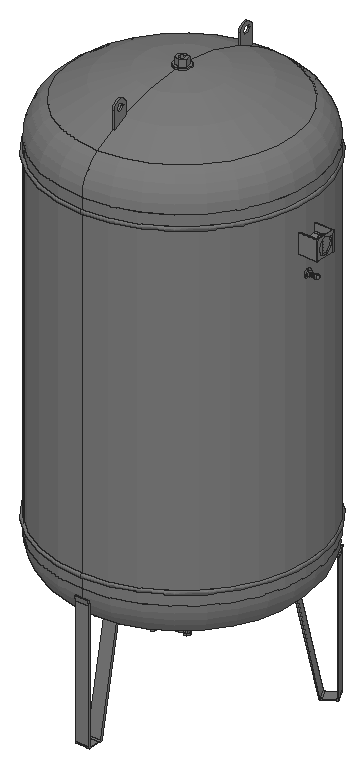
Revit family "MIT-1250-ET (Vertical)", category Specialty Equipment, Revit 2022
Family settings
  Round Connector Dimension = Use Diameter
  Part Type = Normal
  Work Plane-Based = No
  Always vertical = Yes
  Cut with Voids When Loaded = No
  Maintain Annotation Orientation = No
  Shared = No
  Room Calculation Point = No
Parameters
  URL = "https://en.ekinendustriyel.com/expansion-tanks"
  Test Pressure = 15.0 bar
  Production Standard = "TS EN 13831"
  Precharge Pressure = 4.0 bar
  Operating Pressure = 10.0 bar
  Model = "MIT-1250-ET_(Vertical)"
  Manufacturer = "Ekin Endüstriyel"
  Keynote = "Expension Tank"
  Description = "MIT-Expension Tank"
  Default Elevation = 0 mm
Reference planes
  plane 1 "Center (Front/Back)": y = 0
  plane 2: z = 0
  plane 3 "Center (Left/Right)": x = 0
Forms (mm)
  Revolve 1, solid, material "Ekin Endustriyel-S235JR", detail levels medium+fine
    sketch origin (0.106, -9714.096, 98.319) x (0, 1, 0) y (0, 0, 1)
      loop
        line (9714.015, 2033.994) -> (9714.015, 2029.994) -> (9731.434, 2029.994)
        arc (9731.434, 2029.994) -> (9931.618, 1997.267) -> (10115.688, 1912.043) r 749.258
        arc (10115.688, 1912.043) -> (10168.879, 1859.204) -> (10189.1, 1787.008) r 147.026
        line (10189.1, 1787.008) -> (10189.1, 442.567)
        arc (10189.1, 442.567) -> (10172.631, 376.437) -> (10127.07, 325.756) r 141
        arc (10127.07, 325.756) -> (10001.42, 257.49) -> (9864.984, 214.672) r 739.851
        arc (9864.984, 214.672) -> (9862.922, 213.932) -> (9861.14, 212.659) r 7.984
        arc (9861.14, 212.659) -> (9837.969, 196.681) -> (9811.045, 188.475) r 91.784
        line (9811.045, 188.475) -> (9714.015, 188.475) -> (9714.015, 184.475) -> (9811.327, 184.475)
        arc (9811.327, 184.475) -> (9839.579, 193.016) -> (9863.889, 209.753) r 95.784
        arc (9863.889, 209.753) -> (9864.778, 210.388) -> (9865.807, 210.758) r 3.984
        arc (9865.807, 210.758) -> (10002.981, 253.808) -> (10129.311, 322.442) r 743.851
        arc (10129.311, 322.442) -> (10176.164, 374.561) -> (10193.1, 442.567) r 145
        line (10193.1, 442.567) -> (10193.1, 482.617)
        arc (10193.1, 482.617) -> (10200.1, 489.617) -> (10193.1, 496.617) r 7
        line (10193.1, 496.617) -> (10193.1, 1732.638)
        arc (10193.1, 1732.638) -> (10200.1, 1739.638) -> (10193.1, 1746.638) r 7
        line (10193.1, 1746.638) -> (10193.1, 1787.038)
        arc (10193.1, 1787.038) -> (10172.36, 1861.177) -> (10117.769, 1915.46) r 151.026
        arc (10117.769, 1915.46) -> (9932.724, 2001.112) -> (9731.486, 2033.994) r 753.258
        line (9731.486, 2033.994) -> (9714.015, 2033.994)
      axis (9714.015, 184.475) -> (9714.015, 2033.994)
    angle from 0 to 360
  Extrusion 2, solid, material "Ekin Endustriyel-S235JR", detail levels coarse
    sketch origin (5181.66, -9689.096, 122.286) x (0, 1, 0) y (-1, 0, 0)
      loop
        circle (9689.015, 5181.554) r 487
    from 160.509 to 2010.028
  Extrusion 3, solid, material "Ekin Endustriyel-S235JR", detail levels fine
    sketch origin (-910.222, -6644.096, 80.111) x (0, 1, 0) y (0, 0, 1)
      loop
        line (6973.625, 1975.411) -> (6973.625, 2040.264)
        arc (6973.625, 2040.264) -> (6946.148, 2067.74) -> (6918.672, 2040.264) r 27.477
        line (6918.672, 2040.264) -> (6918.672, 1999.711)
        arc (6918.672, 1999.711) -> (6946.39, 1988.109) -> (6973.625, 1975.411) r 753.258
      loop
        circle (6946.299, 2040.217) r 15
      loop
        arc (6314.567, 1975.411) -> (6341.801, 1988.109) -> (6369.52, 1999.711) r 753.258
        line (6369.52, 1999.711) -> (6369.52, 2040.264)
        arc (6369.52, 2040.264) -> (6342.043, 2067.74) -> (6314.567, 2040.264) r 27.477
        line (6314.567, 2040.264) -> (6314.567, 1975.411)
      loop
        circle (6341.892, 2040.217) r 15
    from 906.829 to 913.828
  Extrusion 4, solid, material "Ekin Endustriyel-S235JR", detail levels medium+fine
    sketch origin (2.204, -50.995, 0) x (-0.866025, 0.5, 0) y (0, 0, 1)
      loop
        line (506.406, 492) -> (509.841, 509.669) -> (505.914, 510.433) -> (502.406, 492.385) -> (502.406, 7)
        arc (502.406, 7) -> (500.942, 3.464) -> (497.406, 2) r 5
        line (497.406, 2) -> (454.119, 2)
        arc (454.119, 2) -> (450.973, 3.114) -> (449.228, 5.96) r 5
        line (449.228, 5.96) -> (370.513, 376.289) -> (366.6, 375.457) -> (445.438, 4.553)
        arc (445.438, 4.553) -> (447.871, 0.584) -> (452.259, -0.97) r 6.973
        line (452.259, -0.97) -> (499.449, -0.97)
        arc (499.449, -0.97) -> (504.368, 1.068) -> (506.406, 5.987) r 6.957
        line (506.406, 5.987) -> (506.406, 492)
    from 18.05 to 68.05
  Extrusion 5, solid, material "Ekin Endustriyel-S235JR", detail levels medium+fine
    sketch origin (2.204, -50.995, 0) x (0, -1, 0) y (0, 0, 1)
      loop
        line (431.439, 509.669) -> (427.513, 510.433) -> (424.005, 492.385) -> (424.005, 7)
        arc (424.005, 7) -> (422.54, 3.464) -> (419.005, 2) r 5
        line (419.005, 2) -> (375.718, 2)
        arc (375.718, 2) -> (372.571, 3.114) -> (370.827, 5.96) r 5
        line (370.827, 5.96) -> (292.111, 376.289) -> (288.199, 375.457) -> (366.831, 5.523)
        arc (366.831, 5.523) -> (369.263, 1.554) -> (373.651, 0) r 6.973
        line (373.651, 0) -> (421.048, 0)
        arc (421.048, 0) -> (425.967, 2.038) -> (428.005, 6.957) r 6.957
        line (428.005, 6.957) -> (428.005, 492) -> (431.439, 509.669)
    from -22.903 to 27.097
  Extrusion 6, solid, material "Ekin Endustriyel-S235JR", detail levels medium+fine
    sketch origin (2.204, -50.995, 0) x (0.866025, 0.5, 0) y (0, 0, 1)
      loop
        line (506.024, 509.669) -> (502.097, 510.433) -> (498.589, 492.385) -> (498.589, 7)
        arc (498.589, 7) -> (497.125, 3.464) -> (493.589, 2) r 5
        line (493.589, 2) -> (450.302, 2)
        arc (450.302, 2) -> (447.156, 3.114) -> (445.412, 5.96) r 5
        line (445.412, 5.96) -> (366.696, 376.289) -> (362.783, 375.457) -> (441.415, 5.523)
        arc (441.415, 5.523) -> (443.848, 1.554) -> (448.236, 0) r 6.973
        line (448.236, 0) -> (495.633, 0)
        arc (495.633, 0) -> (500.552, 2.038) -> (502.589, 6.957) r 6.957
        line (502.589, 6.957) -> (502.589, 492) -> (506.024, 509.669)
    from -70.147 to -20.147
  Extrusion 7, solid, material "Ekin Endustriyel-S235JR", detail levels coarse
    sketch origin (2.204, -50.995, 0) x (-0.866025, 0.5, 0) y (0, 0, 1)
      loop
        line (506.406, 282.795) -> (386.296, 282.795) -> (445.232, 5.523)
        arc (445.232, 5.523) -> (447.664, 1.554) -> (452.053, 0) r 6.973
        line (452.053, 0) -> (499.449, 0)
        arc (499.449, 0) -> (504.368, 2.038) -> (506.406, 6.957) r 6.957
        line (506.406, 6.957) -> (506.406, 282.795)
    from 18.05 to 68.05
  Extrusion 8, solid, material "Ekin Endustriyel-S235JR", detail levels coarse
    sketch origin (2.204, -50.995, 0) x (0, -1, 0) y (0, 0, 1)
      loop
        line (428.005, 282.795) -> (307.895, 282.795) -> (366.831, 5.523)
        arc (366.831, 5.523) -> (369.263, 1.554) -> (373.651, 0) r 6.973
        line (373.651, 0) -> (421.048, 0)
        arc (421.048, 0) -> (425.967, 2.038) -> (428.005, 6.957) r 6.957
        line (428.005, 6.957) -> (428.005, 282.795)
    from -22.903 to 27.097
  Extrusion 9, solid, material "Ekin Endustriyel-S235JR", detail levels coarse
    sketch origin (2.204, -50.995, 0) x (0.866025, 0.5, 0) y (0, 0, 1)
      loop
        line (502.589, 282.795) -> (382.479, 282.795) -> (441.415, 5.523)
        arc (441.415, 5.523) -> (443.848, 1.554) -> (448.236, 0) r 6.973
        line (448.236, 0) -> (495.633, 0)
        arc (495.633, 0) -> (500.552, 2.038) -> (502.589, 6.957) r 6.957
        line (502.589, 6.957) -> (502.589, 282.795)
    from -70.147 to -20.265
  Extrusion 10, solid, material "Ekin Endustriyel-S235JR", detail levels coarse
    sketch origin (250.607, -0.433, 898) x (1, 0, 0) y (0, 1, 0)
      loop
        line (226.508, -39.142) -> (298.922, -39.142) -> (298.922, 39.858) -> (226.683, 39.858)
        arc (226.683, 39.858) -> (229.034, 19.99) -> (229.819, 0) r 254.819
        arc (229.819, 0) -> (228.99, -19.641) -> (226.508, -39.142) r 233
    from 767.5 to 842.5
  Extrusion 11, solid, material "Ekin Endustriyel-S235JR", detail levels medium+fine
    sketch origin (250.607, -0.433, 898) x (1, 0, 0) y (0, 1, 0)
      loop
        line (296.322, 39.858) -> (226.683, 39.858)
        arc (226.683, 39.858) -> (226.839, 38.858) -> (226.992, 37.858) r 254.819
        line (226.992, 37.858) -> (296.322, 37.858)
        arc (296.322, 37.858) -> (296.747, 37.682) -> (296.922, 37.258) r 0.6
        line (296.922, 37.258) -> (296.922, -36.542)
        arc (296.922, -36.542) -> (296.747, -36.967) -> (296.322, -37.142) r 0.6
        line (296.322, -37.142) -> (227.098, -37.142)
        arc (227.098, -37.142) -> (226.949, -38.143) -> (226.795, -39.142) r 254.819
        line (226.795, -39.142) -> (296.322, -39.142)
        arc (296.322, -39.142) -> (298.161, -38.381) -> (298.922, -36.542) r 2.6
        line (298.922, -36.542) -> (298.922, 37.258)
        arc (298.922, 37.258) -> (298.161, 39.096) -> (296.322, 39.858) r 2.6
    from 767.5 to 842.5
  Extrusion 12, void
    sketch origin (549.53, -36.975, 898) x (0, 1, 0) y (0, 0, 1)
      loop
        circle (36.9, 805) r 32.5
    from -2 to 0
  Revolve 13, solid, material "Ekin Endustriyel-S235JR", detail levels fine
    sketch origin (250.607, -0.433, 898) x (1, 0, 0) y (0, 0, 1)
      loop
        line (230, 811.5) -> (230, 805) -> (288.499, 805) -> (288.499, 837.415) -> (283.499, 837.415) -> (283.499, 835.016) -> (279.483, 835.016)
        arc (279.483, 835.016) -> (278.774, 834.723) -> (278.48, 834.013) r 1.003
        line (278.48, 834.013) -> (253.48, 834.013) -> (253.48, 815.002) -> (252.5, 815.002)
        arc (252.5, 815.002) -> (252.139, 814.657) -> (252, 814.178) r 0.964
        line (252, 814.178) -> (252, 812.305) -> (245, 812.305) -> (245, 811.5) -> (230, 811.5)
      axis (230, 805) -> (288.499, 805)
    angle from 0 to 360
  Revolve 14, solid, material "Ekin Endustriyel-S235JR", detail levels fine
    sketch origin (249.041, -0.433, 780.49) x (1, 0, 0) y (0, 0, 1)
      loop
        line (229.96, 805) -> (275.561, 805)
        arc (275.561, 805) -> (274.758, 808.458) -> (272.513, 811.208) r 7.847
        line (272.513, 811.208) -> (261.504, 811.208) -> (261.504, 812.005) -> (260.479, 812.005) -> (260.479, 810.108) -> (259.639, 809.269) -> (258.962, 809.946) -> (258.285, 809.269) -> (257.608, 809.946) -> (256.931, 809.269) -> (256.254, 809.946) -> (255.577, 809.269) -> (254.899, 809.946) -> (254.222, 809.269) -> (253.545, 809.946) -> (252.868, 809.269) -> (252.191, 809.946) -> (251.514, 809.269) -> (250.837, 809.946) -> (250.16, 809.269) -> (249.483, 809.946) -> (248.806, 809.269) -> (248.128, 809.946) -> (247.451, 809.269) -> (246.774, 809.946) -> (246.097, 809.269) -> (245.42, 809.946) -> (244.743, 809.269) -> (244.066, 809.946) -> (243.389, 809.269) -> (242.712, 809.946) -> (242.035, 809.269) -> (241.357, 809.946) -> (240.68, 809.269) -> (240.003, 809.946) -> (239.326, 809.269) -> (238.649, 809.946) -> (237.972, 809.269) -> (237.295, 809.946) -> (236.618, 809.269) -> (235.941, 809.946) -> (235.264, 809.269) -> (234.586, 809.946) -> (233.909, 809.269) -> (233.232, 809.946) -> (232.555, 809.269) -> (232.001, 809.823) -> (232.001, 814.435) -> (232.001, 819.99) -> (229.96, 819.99) -> (229.96, 805)
      axis (229.96, 805) -> (275.561, 805)
    angle from 0 to 360
  Extrusion 15, solid, material "Ekin Endustriyel-S235JR", detail levels fine
    sketch origin (249.041, -0.433, 862.286) x (0, 1, 0) y (0, 0, 1)
      loop
        line (0.348, 732.628) -> (-7.805, 727.921) -> (-7.805, 718.507) -> (0.348, 713.8) -> (8.5, 718.507) -> (8.5, 727.921) -> (0.348, 732.628)
    from 232.001 to 240.003
  Extrusion 16, solid, material "Ekin Endustriyel-S235JR", detail levels coarse
    sketch origin (-663.008, -426.494, 283.29) x (1, 0, 0) y (0, 1, 0)
      loop
        circle (663.114, 426.414) r 150
    from -23.5 to -13.542
  Revolve 17, solid, material "Ekin Endustriyel-S235JR", detail levels fine
    sketch origin (1884.375, 0, 224.812) x (1, 0, 0) y (0, 0, 1)
      loop
        line (-1917.384, -21.889) -> (-1909.828, -21.889) -> (-1907.892, -20.316) -> (-1909.118, -19.32) -> (-1907.892, -18.324) -> (-1909.118, -17.327) -> (-1907.892, -16.331) -> (-1909.118, -15.335) -> (-1907.892, -14.339) -> (-1909.118, -13.343) -> (-1907.892, -12.346) -> (-1909.118, -11.35) -> (-1907.892, -10.354) -> (-1909.118, -9.358) -> (-1907.892, -8.361) -> (-1909.118, -7.365) -> (-1907.892, -6.369) -> (-1909.118, -5.373) -> (-1907.892, -4.377) -> (-1909.118, -3.38) -> (-1907.892, -2.384) -> (-1909.118, -1.388) -> (-1907.892, -0.392) -> (-1909.118, 0.605) -> (-1907.892, 1.601) -> (-1909.118, 2.597) -> (-1907.892, 3.593) -> (-1909.118, 4.589) -> (-1907.892, 5.586) -> (-1909.118, 6.582) -> (-1907.892, 7.578) -> (-1909.118, 8.574) -> (-1907.892, 9.571) -> (-1909.118, 10.567) -> (-1907.892, 11.563) -> (-1909.118, 12.559) -> (-1907.892, 13.555) -> (-1909.118, 14.552) -> (-1907.892, 15.548) -> (-1909.118, 16.544) -> (-1907.892, 17.54) -> (-1909.118, 18.537) -> (-1907.384, 19.945) -> (-1907.384, 33.093)
        arc (-1907.384, 33.093) -> (-1907.936, 34.426) -> (-1909.269, 34.978) r 1.885
        line (-1909.269, 34.978) -> (-1917.384, 34.978) -> (-1917.384, -21.889)
      axis (-1884.269, 34.978) -> (-1884.269, -21.889)
    angle from 0 to 360
  Extrusion 18, solid, material "Ekin Endustriyel-S235JR", detail levels fine
    sketch origin (-672.096, -409.774, 289.44) x (1, 0, 0) y (0, 1, 0)
      loop
        circle (534.664, 409.557) r 6
      loop
        circle (809.741, 409.557) r 6
      loop
        circle (672.202, 547.095) r 6
      loop
        circle (672.202, 272.018) r 6
      loop
        circle (574.948, 506.811) r 6
      loop
        circle (769.457, 312.302) r 6
      loop
        circle (769.457, 506.811) r 6
      loop
        circle (574.948, 312.302) r 6
    from 0.262 to -29.241
  Extrusion 19, solid, material "Ekin Endustriyel-S235JR", detail levels medium
    sketch origin (1330, -1405.357, 255.812) x (0, 1, 0) y (1, 0, 0)
      loop
        circle (1405.357, -1330) r 33.189
      loop
        circle (1405.357, -1330) r 24.638
    from 52.889 to -3.978
  Extrusion 20, solid, material "Ekin Endustriyel-S235JR", detail levels coarse
    sketch origin (1330.313, -1405.357, 255.812) x (0, 1, 0) y (1, 0, 0)
      loop
        arc (1372.168, -1330) -> (1388.495, -1358.586) -> (1421.412, -1359.048) r 33.189
        arc (1421.412, -1359.048) -> (1422.22, -1301.414) -> (1372.168, -1330) r 33.189
    from -3.978 to 52.889
  Extrusion 21, solid, material "Ekin Endustriyel-S235JR", detail levels medium+fine
    sketch origin (-663.008, -1231.494, 324.335) x (0, 1, 0) y (1, 0, 0)
      loop
        circle (1231.414, 663.114) r 150
      loop
        circle (1231.396, 525.584) r 5.994
      loop
        circle (1112.301, 594.364) r 5.994
      loop
        circle (1350.527, 594.364) r 5.994
      loop
        circle (1231.396, 800.644) r 5.994
      loop
        circle (1350.527, 731.864) r 5.994
      loop
        circle (1112.301, 731.864) r 5.994
    from 46.54 to 41.54
  Extrusion 22, solid, material "Ekin Endustriyel-S235JR", detail levels medium+fine
    sketch origin (3869.944, -4745.819, 2135.133) x (0, 1, 0) y (-1, 0, 0)
      loop
        circle (4745.469, 3869.844) r 11
      loop
        line (4730.56, 3886.032) -> (4723.995, 3865.027) -> (4738.903, 3848.838) -> (4760.377, 3853.655) -> (4766.943, 3874.661) -> (4752.034, 3890.849) -> (4730.56, 3886.032)
    from 0.181 to 23
  Extrusion 23, solid, material "Ekin Endustriyel-S235JR", detail levels coarse
    sketch origin (3869.944, -4745.819, 2135.133) x (0, 1, 0) y (-1, 0, 0)
      loop
        line (4730.56, 3886.032) -> (4723.995, 3865.027) -> (4738.903, 3848.838) -> (4760.377, 3853.655) -> (4766.943, 3874.661) -> (4752.034, 3890.849) -> (4730.56, 3886.032)
    from -2.819 to 23
  Extrusion 24, solid, material "Ekin Endustriyel-S235JR", detail levels medium+fine
    sketch origin (3869.944, -4745.819, 2135.133) x (0, 1, 0) y (-1, 0, 0)
      loop
        circle (4745.827, 3869.844) r 32.5
    from -2.819 to 0.181
  Extrusion 25, solid, material "Ekin Endustriyel-S235JR", detail levels coarse
    sketch origin (-663.008, -426.494, 294.351) x (1, 0, 0) y (0, 1, 0)
      loop
        circle (663.114, 426.414) r 150
    from -16.556 to -11.556
  Extrusion 26, solid, material "Ekin Endustriyel-S235JR", detail levels medium+fine
    sketch origin (-663.008, -1231.494, 325.351) x (0, 1, 0) y (1, 0, 0)
      loop
        circle (1231.414, 663.114) r 150
      loop
        circle (1231.396, 525.584) r 5.994
      loop
        circle (1112.301, 594.364) r 5.994
      loop
        circle (1350.527, 594.364) r 5.994
      loop
        circle (1231.396, 800.644) r 5.994
      loop
        circle (1350.527, 731.864) r 5.994
    from 47.556 to 42.556
  Extrusion 27, solid, material "Ekin Endustriyel-S235JR", detail levels fine
    sketch origin (-456.725, -583.392, 326.932) x (-0.339703, 0.940533, 0) y (0.940533, 0.339703, 0)
      loop
        line (431.915, 491.303) -> (442.297, 487.728) -> (450.583, 494.932) -> (448.488, 505.71) -> (438.107, 509.284) -> (429.82, 502.081) -> (431.915, 491.303)
      loop
        line (335.801, 757.413) -> (341.077, 747.784) -> (352.054, 747.538) -> (357.755, 756.921) -> (352.479, 766.55) -> (341.502, 766.796) -> (335.801, 757.413)
      loop
        line (530.023, 666.262) -> (533.598, 676.643) -> (526.395, 684.93) -> (515.617, 682.835) -> (512.042, 672.453) -> (519.246, 664.167) -> (530.023, 666.262)
      loop
        line (263.914, 570.148) -> (273.543, 575.424) -> (273.789, 586.401) -> (264.405, 592.102) -> (254.776, 586.826) -> (254.53, 575.849) -> (263.914, 570.148)
      loop
        line (517.205, 558.464) -> (527.073, 563.277) -> (527.839, 574.23) -> (518.736, 580.369) -> (508.868, 575.556) -> (508.102, 564.603) -> (517.205, 558.464)
      loop
        line (261.074, 678.669) -> (271.613, 675.59) -> (279.549, 683.178) -> (276.945, 693.845) -> (266.406, 696.923) -> (258.47, 689.335) -> (261.074, 678.669)
      loop
        line (463.686, 751.849) -> (458.873, 761.717) -> (447.92, 762.483) -> (441.78, 753.38) -> (446.593, 743.512) -> (457.546, 742.746) -> (463.686, 751.849)
      loop
        line (343.481, 495.718) -> (346.559, 506.257) -> (338.971, 514.193) -> (328.305, 511.589) -> (325.227, 501.05) -> (332.815, 493.114) -> (343.481, 495.718)
    from 66.733 to 74.733
Cuts and joins
  Extrusion 12 cuts Extrusion 11
Dimensions and locks
  aligned and locked: level to plane 2
Connectors
  piping at (0, 0, 202.923), diameter 25.4
    settings: on Extrusion 19, index 3, connector inside diameter 609.6 mm, connector length 0 mm, flow factor 0, pipe flow 0.0 L/s, pressure drop 0.0 Pa, fitting loss kfactor 0, connector angle 0.00°, fixture units 0, engagement length 0 mm, angle of deflection 0.00°, flow configuration 0, flow direction 0, fitting loss method 0, system type 7, joint type 0, gender type 0, connector reference index -1, connector utility 0, adjustable connector no, is connector primary yes, connector description ""
